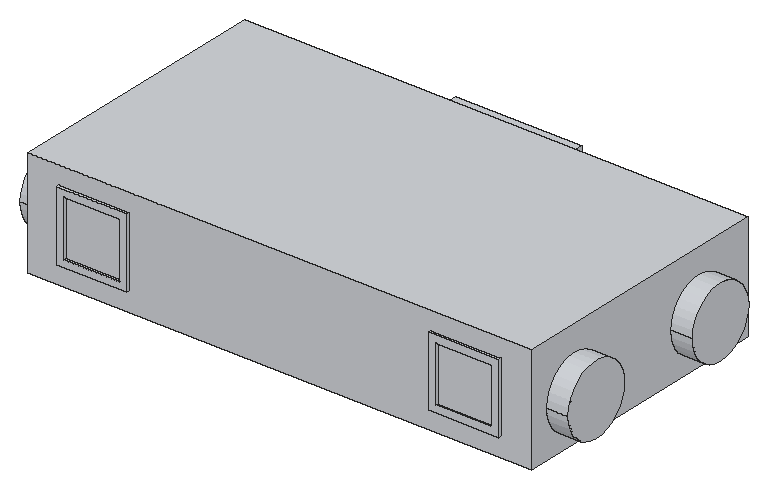
Revit family "DV 1000", category Generic Models, Revit 2013
Parameters
  Width mm = 1800 mm
  Warranty = "1 Year"
  Voltage Supply      Single Phase = "230v ac"
  Versatile positioning ,floor and ceiling susupended options = "Yes"
  Summer/Winter by-pass = "Yes"
  Summer By-pass = "Automatic 100%"
  Safety cut off switch Pressure sensors for filter monitoring = "Yes"
  Pre Heater = "option"
  Part number = "9041572"
  Model = "MULTI DV1000"
  Meets Building regulations Pat L2A and L2B = "Yes"
  Max Air Volume  m3/hr = "1200"
  Lockable doors = "Yes"
  Interchangeable spigot connections = "Yes"
  Humidity control (optional) = "Yes"
  Height mm = 970 mm
  Heat Recovery = "<95%"
  Heat Exchanger = "Cross Counterflow"
  Frequency = "50Hz"
  Filter maintenance reminder = "Yes"
  Electronic control panel with LCD display = "Yes"
  EC motor for fine speed control and low SFP = "Yes"
  Duct Connections = "4x250mm dia"
  Double skinned insulated casing avoids thermal bridging = "Yes"
  Depth mm = 384 mm
  Control Standard = "BMS/Internet"
  Control Optional. = "Humidity"
  Control Optional . = "Co2"
  Control Optional = "Temperature"
  Carbon dioxide control (optional) = "Yes"
  Balanced supply and extract air ventilation with heat recovery = "Yes"
  BREEAM applicable = "Yes"
  Anti frost protection = "option"
  Air Filters = "M5 and F9"
  After Heater = "option"
  10 speed digital control and BMS and Internet control = "Yes"
Reference planes
  plane 1 "Center (Front/Back)": y = 0
  plane 2: z = 0
  plane 3 "Center (Left/Right)": x = 0
  plane 4: z = -90
  plane 5: z = 2
  plane 6: z = 22
  plane 7: z = 37
  plane 8: z = 42
  plane 9: y = 485
  plane 10: y = -485
  plane 11: x = -900
  plane 12: x = 900
  plane 13: z = 384.062
  plane 14: z = 192.062
  plane 15: x = 790
  plane 16: z = 284.499
  plane 17: z = 9.945
  plane 18: z = 314.945
  plane 19: y = -294.996
  plane 20: x = 540
  plane 21: x = -790
  plane 22: x = -540
  plane 23: x = 225
  plane 24: y = 585
  plane 25: x = -225
  plane 26: y = 115
  plane 27: y = 260
Forms (mm)
  Extrusion 1, solid
    sketch origin (0, 0, 0) x (1, 0, 0) y (0, 1, 0)
      loop
        line (-900, 485) -> (-900, -485) -> (900, -485) -> (900, 485) -> (-900, 485)
    from 384 to 0
  Extrusion 2, solid
    sketch origin (900, 591.36, 4.197) x (0, -1, 0) y (0, 0, -1)
      loop
        circle (886.387, -165.807) r 125
    from 0 to 80
  Extrusion 3, solid
    sketch origin (900, 991.018, 4.197) x (0, -1, 0) y (0, 0, -1)
      loop
        circle (731.015, -170.801) r 125
    from 0 to 80
  Extrusion 4, solid
    sketch origin (-900, 602.003, -11.585) x (0, 1, 0) y (0, 0, -1)
      loop
        circle (-897.726, -181.585) r 125
    from 0 to 80
  Extrusion 5, solid
    sketch origin (1426.736, 485, 47.5) x (-1, 0, 0) y (0, 0, 1)
      loop
        line (1651.736, 284.499) -> (1201.736, 284.499) -> (1201.736, 5.821) -> (1651.736, 5.821) -> (1651.736, 284.499)
    from 0 to 100
  Extrusion 6, solid
    sketch origin (1074.838, -485, 25) x (-1, 0, 0) y (0, 0, -1)
      loop
        line (1864.838, -294.327) -> (1864.838, -44.327) -> (1614.838, -44.327) -> (1614.838, -294.327) -> (1864.838, -294.327)
      loop
        line (1839.838, -269.327) -> (1839.838, -68.654) -> (1640.429, -68.654) -> (1640.429, -269.327) -> (1839.838, -269.327)
    from 0 to 10
  Extrusion 7, solid
    sketch origin (-1074.838, -485, 25) x (1, 0, 0) y (0, 0, 1)
      loop
        line (1864.838, 294.327) -> (1614.838, 294.327) -> (1614.838, 44.327) -> (1864.838, 44.327) -> (1864.838, 294.327)
      loop
        line (1839.838, 269.327) -> (1640.429, 269.327) -> (1640.429, 68.654) -> (1839.838, 68.654) -> (1839.838, 269.327)
    from 0 to 10
  Extrusion 8, solid
    sketch origin (-900, 547.979, -10) x (0, 1, 0) y (0, 0, -1)
      loop
        circle (-432.979, -180) r 125
    from 0 to 80
  Extrusion 9, solid
    sketch origin (1426.736, 585, 32.5) x (-1, 0, 0) y (0, 0, 1)
      loop
        line (1386.25, 233.382) -> (1386.25, 82.032) -> (1436.25, 82.032) -> (1436.25, 233.382) -> (1386.25, 233.382)
    from 0 to 50
Dimensions and locks
  plane 11 to plane 3 "Center (Left/Right)" = 900 mm
  plane 3 "Center (Left/Right)" to plane 12 = 900 mm
  level to plane 13 = 384.062 mm
  plane 10 to plane 1 "Center (Front/Back)" = 485 mm  (x2)
  Extrusion 1 to Extrusion 1 = 970 mm
  plane 11 to plane 12 = 1800 mm
  plane 14 to plane 13 = 192 mm
  plane 1 "Center (Front/Back)" to plane 9 = 485 mm
  plane 12 to plane 11 = 1800 mm
  plane 12 to plane 15 = 110 mm
  plane 20 to plane 15 = 250 mm
  plane 21 to plane 22 = 250 mm  (x2)
  plane 13 to level = 384.062 mm
  Extrusion 1 to plane 24 = 100 mm
  plane 11 to plane 25 = 675 mm
  plane 23 to plane 12 = 675 mm
  Extrusion 1 to plane 19 = 190.004 mm
  plane 26 to plane 9 = 370 mm
  plane 9 to plane 27 = 225 mm
  plane 10 to plane 19 = 190.004 mm
  aligned and locked: level to plane 2
Connectors
  hvac at (980, -295.028, 170.004)
    settings: on Extrusion 2, index 1, duct flow 0.0 L/s, flow factor 0, pres drop 0.0 Pa, loss coef 0, conn angle 0.00°, conn width 304.8 mm, conn height 304.8 mm, conn radius 125 mm, duct sys type 2, conn prof type 0, flow config 0, flow direction 1, loss method 0, conn ref index -1, conn util no, is conn primary yes, conn desc ""
  hvac at (980, 260.004, 174.998)
    settings: on Extrusion 3, index 2, duct flow 0.0 L/s, flow factor 0, pres drop 0.0 Pa, loss coef 0, conn angle 0.00°, conn width 304.8 mm, conn height 304.8 mm, conn radius 125 mm, duct sys type 1, conn prof type 0, flow config 0, flow direction 2, loss method 0, conn ref index -1, conn util no, is conn primary no, conn desc ""
  hvac at (-980, -295.723, 170)
    settings: on Extrusion 4, index 3, duct flow 0.0 L/s, flow factor 0, pres drop 0.0 Pa, loss coef 0, conn angle 0.00°, conn width 304.8 mm, conn height 304.8 mm, conn radius 125 mm, duct sys type 1, conn prof type 0, flow config 0, flow direction 1, loss method 0, conn ref index -1, conn util no, is conn primary no, conn desc ""
  hvac at (-980, 115, 170)
    settings: on Extrusion 8, index 4, duct flow 0.0 L/s, flow factor 0, pres drop 0.0 Pa, loss coef 0, conn angle 0.00°, conn width 304.8 mm, conn height 304.8 mm, conn radius 125 mm, duct sys type 3, conn prof type 0, flow config 0, flow direction 2, loss method 0, conn ref index -1, conn util no, is conn primary no, conn desc ""
